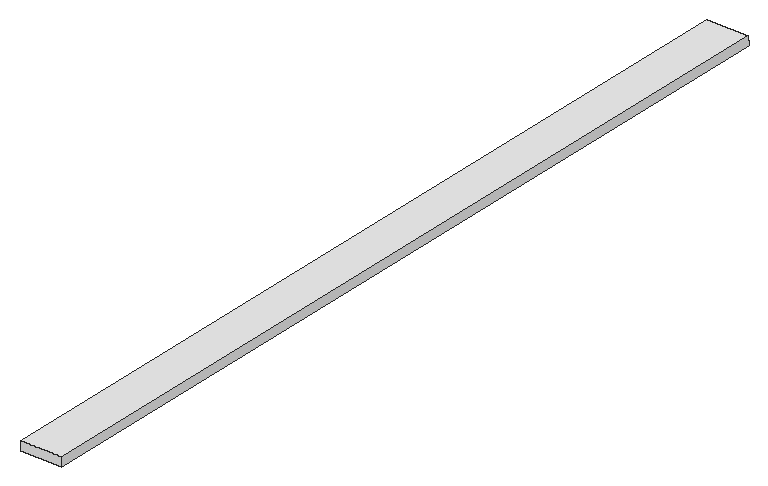
Revit family "Door-Hardware_Hinge_Hager_Stainless-Continuous", category Specialty Equipment, Revit 2022
Family settings
  Round Connector Dimension = Use Diameter
  Part Type = Normal
  OmniClass Number = 23.30.40.24.11
  OmniClass Title = Hinges
  Work Plane-Based = Yes
  Always vertical = No
  Cut with Voids When Loaded = No
  Maintain Annotation Orientation = No
  Shared = Yes
  Room Calculation Point = No
Parameters (values of type "Full Surface 909")
  Warranty Duration (Years) = 0
  Unit Length [instance] = 6' - 0"
  URL = "http://www.hagerco.com/"
  Suggested Use = "as Specified"
  Standards Conformance = "as Specified"
  Specification = "http://www.arcat.com/sdspecs/htm04/08_71_00hco.htm"
  SpecWizard = ""
  Send Message = ""
  Sales Information = "http://www.hagerco.com/contact-us.aspx"
  Revision = "R1_2015-10"
  Restrictions = "as Specified"
  Product Properties = ""
  Product Data = "http://www.arcat.com/arcatcos/cos32/arc32922.html"
  Model = "790-909"
  Manufacturer Website = "http://www.hagerco.com/"
  Manufacturer Phone - Toll Free = "800-325-9995"
  Manufacturer Phone = "314-772-4400"
  Manufacturer Fax = "800-782-0149"
  Manufacturer Address = "139 Victor St.  St. Louis, MO 63104"
  Manufacturer = "Hager Companies"
  Maintenance Schedule (Months) = 0
  Keynote = "087100"
  Installation-Fabrication = ""
  Installation Phase = ""
  Hinge Design = Hinge : Hinge
  Green Building-LEED = ""
  Hinge Width = 0' - 3 1/2"
  Hinge Depth = 0' - 0 3/4"
  Fixture Finish [instance] = Metal - Standard US Finish as Specified
  Expected Lifespan (Years) = 0
  Drawn By = "Sumex Design, Inc. / Robert S. Weygant, CSI, CDT, SCIP"
  Description = "Hager Standard Duty Stainless Steel Continuous Hinge - Full Surface 790-909 as Specified"
  Default Elevation = 0' - 0"
  Copyright = "©Arcat Inc."
  Construction Details = ""
  Clearance Required = 0' - 0"
  Capacity = "as Specified"
  Available Options = "as Specified"
  Assembly Code = "C1020410"
  Air Space Below Door [instance] = 0' - 0 1/2"
Types (9): name | Model | Hinge Width | Hinge Depth | Description
  Full Surface 909 | "790-909" | 0' - 3 1/2" | 0' - 0 3/4" | "Hager Standard Duty Stainless Steel Continuous Hinge - Full Surface 790-909 as Specified"
  Half Mortise 906 | "790-906" | 0' - 1 7/8" | 0' - 0 3/4" | "Hager Standard Duty Stainless Steel Continuous Hinge - Half Mortise 790-906 as Specified"
  Half Mortise 904 | "790-904" | 0' - 1 7/8" | 0' - 0 3/4" | "Hager Standard Duty Stainless Steel Continuous Hinge - Half Mortise 790-904 as Specified"
  Half Surface 903 | "790-903" | 0' - 1 7/8" | 0' - 0 1/2" | "Hager Standard Duty Stainless Steel Continuous Hinge - Half Surface 790-903 as Specified"
  Concealed Swing Clear 911 | "790-911" | 0' - 2" | 0' - 0 7/16" | "Hager Standard Duty Stainless Steel Continuous Hinge - Concealed Swing Clear 790-911 as Specified"
  Concealed Swing Clear Corner Guard 926 | "790-926" | 0' - 2" | 0' - 0 7/16" | "Hager Standard Duty Stainless Steel Continuous Hinge - Concealed Swing Clear 790-926 as Specified"
  Concealed Corner Wrap 915 | "790-915" | 0' - 0 3/8" | 0' - 0 1/2" | "Hager Standard Duty Stainless Steel Continuous Hinge - Concealed 790-915 as Specified"
  Concealed Corner Guard 905 | "790-905" | 0' - 0 3/8" | 0' - 0 1/2" | "Hager Standard Duty Stainless Steel Continuous Hinge - Concealed 790-905 as Specified"
  Concealed 900 | "790-900" | 0' - 0 3/8" | 0' - 0 1/2" | "Hager Standard Duty Stainless Steel Continuous Hinge - Concealed 790-900 as Specified"
Reference planes (in)
  plane 1 "CL": y = -4.25
  plane 2 "Bottom": z = 0
  plane 3 "Center Rig": x = 0
  plane 4: y = 32
  plane 5: y = -40.5
  plane 6: y = -40
Dimensions and locks (in)
  equal spacing: plane 4, plane 1 "CL", plane 5
  "Unit Length": plane 4 to plane 6
  "Air Space Below Door": plane 6 to plane 5
  aligned and locked: plane 3 "Center Rig" to nested 1
Nested families (in)
  nested 1: "Hinge" at (0, -40, 0), type <- "Hinge Design", length <- "Unit Length", finish <- "Fixture Finish", gear width <- "Hinge Width", gear depth <- "Hinge Depth", type "Hinge"
    with width 0' - 3.82271", length 6' - 0", gear width 0' - 3 1/2", gear depth 0' - 0 3/4", finish Metal - Standard US Finish as Specified, Hinge Extend Right 0' - 0", Hinge Extend Left 0' - 0"
Definition of nested family "Hinge"
  Parameters
    width [instance] = 0' - 3.82271"
    length [instance] = 4' - 0"
    gear width [instance] = 0' - 3.82271"
    gear depth [instance] = 0' - 1"
    finish [instance] = none
    Hinge Extend Right [instance] = 0' - 2 3/4"
    Hinge Extend Left [instance] = 0' - 2 1/4"
    Default Elevation = 0' - 0"
    Assembly Code = ""
  Reference planes (in)
    plane 1 "Center (Front/Back)": y = 0
    plane 2: z = 0
    plane 3 "Center (Left/Right)": x = 0
    plane 4: y = 48
    plane 5: x = -1.91136
    plane 6: x = 1.91136
    plane 7: x = 4.66136
    plane 8: x = -4.16136
  Forms (in)
    Extrusion 1, solid, material <- "finish"
      sketch origin (0, 0, 0) x (1, 0, 0) y (0, 0, 1)
        loop
          line (-1.91136, 0) -> (1.91136, 0) -> (1.91136, 1) -> (-1.91136, 1) -> (-1.91136, 0)
      from -48 to 0
    Extrusion 2, solid, material <- "finish"
      sketch origin (0, 0, 0) x (1, 0, 0) y (0, 0, 1)
        loop
          line (4.66136, 0.1875) -> (-4.16136, 0.1875) -> (-4.16136, 0) -> (4.66136, 0) -> (4.66136, 0.1875)
      from 0 to -48
  Cuts and joins
    joined: Extrusion 1, Extrusion 2
  Dimensions and locks (in)
    "length": plane 1 "Center (Front/Back)" to plane 4
    equal spacing: plane 6, plane 3 "Center (Left/Right)", plane 5
    "gear width": plane 6 to plane 5
    "gear depth": Extrusion 1 sketch curve to level
    "Hinge Extend Left": plane 5 to plane 8
    "Hinge Extend Right": plane 7 to plane 6
    locked: Extrusion 2 sketch curve to plane 2 at 0.1875
    aligned and locked: plane 2 to level
    aligned and locked: plane 4 to Extrusion 1
    aligned and locked: plane 1 "Center (Front/Back)" to Extrusion 1
    aligned and locked: Extrusion 1 sketch curve to plane 5
    aligned and locked: Extrusion 1 sketch curve to plane 6
    aligned and locked: plane 7 to Extrusion 2 sketch curve
    aligned and locked: Extrusion 2 sketch curve to plane 8
    aligned and locked: plane 4 to Extrusion 2
    aligned and locked: plane 1 "Center (Front/Back)" to Extrusion 2
  Automatic sketch dimensions
    Extrusion 1 sketch curve to level = 0' - 0"
    Extrusion 2 sketch curve to level = 0' - 0"
